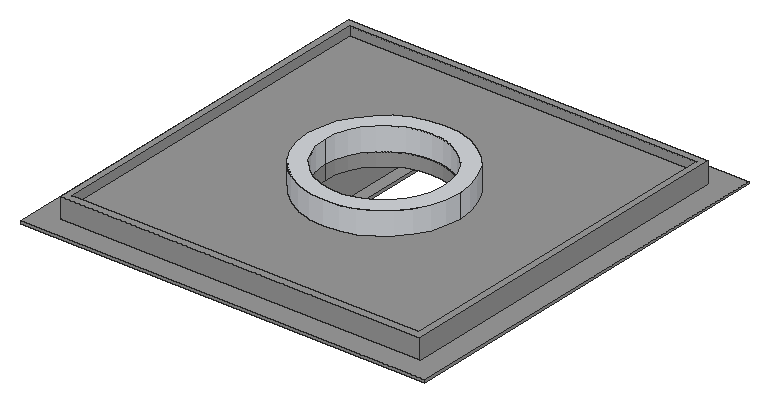
Revit family "Rahmenkassette Schwerlast für Tubus, RKFSL, Nenngröße 250-3, Belastungsklasse 2", category Generic Models, Revit 2015
Parameters (values of type "RKF2 SL2 V2 20")
  Width 1 = 288 mm
  Width = 324 mm
  URL = "http://www.obo-bettermann.com"
  Material = Stainless Steel
  Manufacturer Art.No. = "7409522"
  Manufacturer = "OBO Bettermann"
  Height 1 = 18 mm
  Height = 20 mm
  GTIN = "4012195870005"
  Cut depth = 9 mm
  Article Type = "RKF2 SL2 V2 20"
Types (5, lengths in mm): name | Manufacturer Art.No. | Height 1 | Height | GTIN | Article Type
  (no name) | "7409522" | 18 | 20 | "4012195870005" | "RKF2 SL2 V2 20"
  RKF2 SL2 V2 20 | "7409522" | 18 | 20 | "4012195870005" | "RKF2 SL2 V2 20"
  RKF2 SL2 V2 25 | "7409524" | 23 | 25 | "4012195870043" | "RKF2 SL2 V2 25"
  RKF2 SL2 V2 30 | "7409526" | 28 | 30 | "4012195870050" | "RKF2 SL2 V2 30"
  RKF2 SL2 V2 40 | "7409530" | 38 | 40 | "4012195870104" | "RKF2 SL2 V2 40"
Reference planes
  plane 1 "Center (Front/Back)": y = 0
  plane 2: z = 0
  plane 3 "Center (Left/Right)": x = 0
  plane 4: z = 2
  plane 5: y = 125
  plane 6: y = -125
  plane 7: z = 11
Forms (mm)
  Extrusion 1, solid, material "Stainless Steel" <- "Material"
    sketch origin (0, 0, 0) x (1, 0, 0) y (0, 1, 0)
      loop
        line (-144, 144) -> (-144, -144) -> (144, -144) -> (144, 144) -> (-144, 144)
    from 0 to 18
  Extrusion 2, solid, material "Stainless Steel" <- "Material"
    sketch origin (0, 0, 0) x (1, 0, 0) y (0, 1, 0)
      loop
        line (-162, 162) -> (-162, -162) -> (162, -162) -> (162, 162) -> (-162, 162)
      loop
        line (144, 144) -> (-144, 144) -> (-144, -144) -> (144, -144) -> (144, 144)
    from 0 to 2
  Extrusion 3, void
    sketch origin (0, 0, 0) x (1, 0, 0) y (0, 1, 0)
      loop
        line (-139.1, 139.1) -> (-139.1, -139.1) -> (139.1, -139.1) -> (139.1, 139.1) -> (-139.1, 139.1)
    from 11 to 18
  Extrusion 4, solid, material "Stainless Steel" <- "Material"
    sketch origin (0, 0, 0) x (1, 0, 0) y (0, 0, 1)
      loop
        line (-61, 0) -> (-61, -35) -> (-49, -35) -> (-49, -33) -> (-59, -33) -> (-59, 0) -> (-61, 0)
      loop
        line (59, 0) -> (59, -33) -> (46, -33) -> (46, -35) -> (61, -35) -> (61, 0) -> (59, 0)
    from -125 to 125
  Extrusion 5, void
    sketch origin (0, 0, 0) x (0, 1, 0) y (0, 0, 1)
      loop
        line (125, 0) -> (103, -33) -> (103, -35) -> (125, -35) -> (125, 0)
      loop
        line (-125, 0) -> (-125, -35) -> (-103, -35) -> (-103, -33) -> (-125, 0)
    from -61 to 61
  Extrusion 6, solid
    sketch origin (0, 0, -220.55) x (1, 0, 0) y (0, 1, 0)
      loop
        circle (0, 0) r 61
    from 231.55 to 250
  Extrusion 7, void
    sketch origin (0, 0, 0) x (1, 0, 0) y (0, 1, 0)
      loop
        circle (0, 0) r 47.77
    from 0 to 29.45
Cuts and joins
  Extrusion 3, Extrusion 7 cuts Extrusion 1
  Extrusion 5 cuts Extrusion 4
  Extrusion 7 cuts Extrusion 6
Dimensions and locks
  "Width 1": Extrusion 1 sketch curve to Extrusion 1 sketch curve  (x2)
  equal spacing: Extrusion 1 sketch curve, plane 3 "Center (Left/Right)", Extrusion 1 sketch curve
  equal spacing: Extrusion 1 sketch curve, plane 1 "Center (Front/Back)", Extrusion 1 sketch curve, locked at 144 each
  "Height 1": Extrusion 1 to level
  "Width": Extrusion 2 sketch curve to Extrusion 2 sketch curve  (x2)
  equal spacing: Extrusion 2 sketch curve, plane 3 "Center (Left/Right)", Extrusion 2 sketch curve
  equal spacing: Extrusion 2 sketch curve, plane 1 "Center (Front/Back)", Extrusion 2 sketch curve, locked at 162 each
  locked: plane 4 to level at 2
  locked: Extrusion 3 sketch curve to Extrusion 3 sketch curve at 278.2  (x2)
  equal spacing: Extrusion 3 sketch curve, plane 3 "Center (Left/Right)", Extrusion 3 sketch curve, locked at 139.1 each
  equal spacing: Extrusion 3 sketch curve, plane 1 "Center (Front/Back)", Extrusion 3 sketch curve, locked at 139.1 each
  locked: Extrusion 4 sketch curve to Extrusion 4 sketch curve at 2  (x4)
  locked: Extrusion 2 to Extrusion 4 sketch curve at 35  (x2)
  locked: Extrusion 4 sketch curve to Extrusion 4 sketch curve at 118
  equal spacing: Extrusion 4 sketch curve, plane 3 "Center (Left/Right)", Extrusion 4 sketch curve, locked at 59 each
  locked: plane 5 to plane 6 at 250
  locked: plane 5 to plane 1 "Center (Front/Back)" at 125
  locked: Extrusion 4 to Extrusion 5 sketch curve at 22
  locked: Extrusion 4 to Extrusion 5 sketch curve at 35  (x2)
  locked: Extrusion 4 to Extrusion 5 sketch curve at 2  (x2)
  locked: Extrusion 5 sketch curve to Extrusion 4 at 22
  "Cut depth": plane 7 to plane 4
  locked: Extrusion 6 to cut or joined group of Extrusion 1, Extrusion 3, Extrusion 7 at 18.45
  diameter of Extrusion 6 sketch curve = 122 mm
  diameter of Extrusion 7 sketch curve = 95.54 mm
  aligned and locked: level to plane 2
  aligned and locked: Extrusion 1 to level
  aligned and locked: Extrusion 2 to level
  aligned and locked: plane 4 to Extrusion 2
  aligned and locked: Extrusion 2 sketch curve to Extrusion 1  (x4)
  aligned and locked: Extrusion 1 to Extrusion 3
  aligned and locked: Extrusion 4 to plane 5
  aligned and locked: plane 6 to Extrusion 4
  aligned and locked: Extrusion 5 sketch curve to plane 5
  aligned and locked: plane 6 to Extrusion 5 sketch curve
  aligned and locked: Extrusion 5 to Extrusion 4  (x2)
  aligned and locked: Extrusion 3 to plane 7
  aligned and locked: cut or joined group of Extrusion 1, Extrusion 3, Extrusion 7 to Extrusion 6
  aligned and locked: Extrusion 7 to level
  aligned and locked: cut or joined group of Extrusion 6, Extrusion 7 to Extrusion 7
Automatic sketch dimensions
  Extrusion 4 sketch curve to level = 0 mm  (x2)
  Extrusion 4 sketch curve to Extrusion 4 sketch curve = 10 mm
  Extrusion 4 sketch curve to Extrusion 4 sketch curve = 13 mm
  plane 1 "Center (Front/Back)" to Extrusion 6 sketch curve = 0 mm
  Extrusion 6 sketch curve to plane 3 "Center (Left/Right)" = 0 mm
  plane 1 "Center (Front/Back)" to Extrusion 7 sketch curve = 0 mm
  Extrusion 7 sketch curve to plane 3 "Center (Left/Right)" = 0 mm
